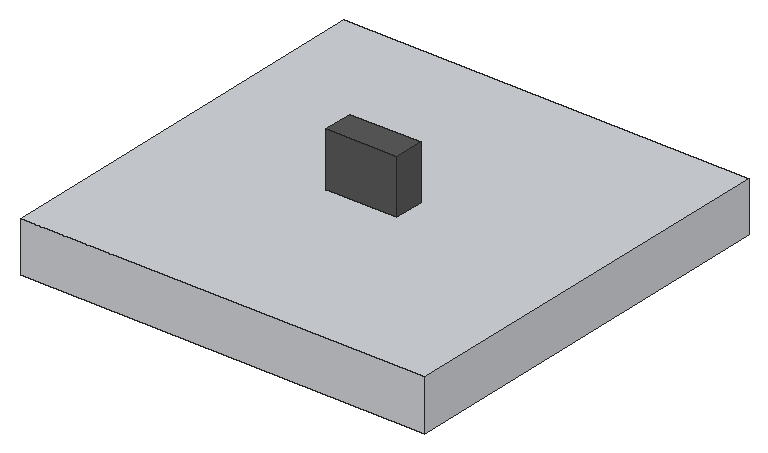
Revit family "r2018_videomax_server_OPS-SKUD_nastolnogo_ispolneniya", category Устройства связи, Revit 2018 (continued)
Definition of nested family "videomax_minitower"
  Lines and regions (mm)
    model lines, visible <- "Back_500", detail levels fine
      curve 995: line (-37.516, 258.667, 0) -> (-33.063, 264.426, 0)
      curve 996: line (-33.063, 264.426, 0) -> (-33.22, 281.325, 0)
      curve 997: line (-33.22, 281.325, 0) -> (-37.811, 286.08, 0)
      curve 998: line (-39.601, 286.802, 0) -> (-49.234, 286.802, 0)
      curve 999: line (-50.331, 285.755, 0) -> (-50.331, 258.773, 0)
      curve 1851: arc (1511.518, 293.734, 0) -> (1501.939, 269.317, 0) -> (1511.518, 244.899, 0) r 35.911
      curve 1852: arc (1515.5, 248.88, 0) -> (1507.566, 269.317, 0) -> (1515.5, 289.753, 0) r 30.29
      curve 1853: arc (1523.307, 281.946, 0) -> (1519.808, 276.057, 0) -> (1518.59, 269.317, 0) r 19.266
      curve 1854: arc (1518.59, 269.317, 0) -> (1519.808, 262.576, 0) -> (1523.307, 256.687, 0) r 19.266
      curve 1855: arc (1526.366, 259.746, 0) -> (1523.795, 264.228, 0) -> (1522.902, 269.317, 0) r 14.954
      curve 1856: arc (1522.902, 269.317, 0) -> (1523.795, 274.405, 0) -> (1526.366, 278.887, 0) r 14.954
      curve 1857: arc (1517.557, 287.695, 0) -> (1512.306, 279.165, 0) -> (1510.473, 269.317, 0) r 27.383
      curve 1858: arc (1510.473, 269.317, 0) -> (1512.306, 259.468, 0) -> (1517.557, 250.938, 0) r 27.383
      curve 1859: arc (1521.542, 254.923, 0) -> (1517.506, 261.622, 0) -> (1516.1, 269.317, 0) r 21.756
      curve 1860: arc (1516.1, 269.317, 0) -> (1517.506, 277.011, 0) -> (1521.542, 283.711, 0) r 21.756
      curve 1861: arc (1564.194, 293.734, 0) -> (1573.773, 269.317, 0) -> (1564.194, 244.899, 0) r 35.911
      curve 1862: arc (1560.213, 248.88, 0) -> (1568.146, 269.317, 0) -> (1560.213, 289.753, 0) r 30.29
      curve 1863: arc (1552.406, 281.946, 0) -> (1555.905, 276.057, 0) -> (1557.122, 269.317, 0) r 19.266
      curve 1864: arc (1557.122, 269.317, 0) -> (1555.905, 262.576, 0) -> (1552.406, 256.687, 0) r 19.266
      curve 1865: arc (1549.347, 259.746, 0) -> (1551.918, 264.228, 0) -> (1552.81, 269.317, 0) r 14.954
      curve 1866: arc (1552.81, 269.317, 0) -> (1551.918, 274.405, 0) -> (1549.347, 278.887, 0) r 14.954
      curve 1867: arc (1558.155, 287.695, 0) -> (1563.407, 279.165, 0) -> (1565.239, 269.317, 0) r 27.383
      curve 1868: arc (1565.239, 269.317, 0) -> (1563.407, 259.468, 0) -> (1558.155, 250.938, 0) r 27.383
      curve 1869: arc (1554.17, 254.923, 0) -> (1558.207, 261.622, 0) -> (1559.613, 269.317, 0) r 21.756
      curve 1870: arc (1559.613, 269.317, 0) -> (1558.207, 277.011, 0) -> (1554.17, 283.711, 0) r 21.756
      curve 1871: arc (1562.274, 242.979, 0) -> (1537.856, 233.4, 0) -> (1513.439, 242.979, 0) r 35.911
      curve 1872: arc (1517.42, 246.96, 0) -> (1537.856, 239.027, 0) -> (1558.293, 246.96, 0) r 30.29
      curve 1873: arc (1550.486, 254.767, 0) -> (1544.597, 251.268, 0) -> (1537.856, 250.05, 0) r 19.266
      curve 1874: arc (1537.856, 250.05, 0) -> (1531.116, 251.268, 0) -> (1525.227, 254.767, 0) r 19.266
      curve 1875: arc (1528.286, 257.826, 0) -> (1532.767, 255.255, 0) -> (1537.856, 254.363, 0) r 14.954
      curve 1876: arc (1537.856, 254.363, 0) -> (1542.945, 255.255, 0) -> (1547.427, 257.826, 0) r 14.954
      curve 1877: arc (1556.235, 249.018, 0) -> (1547.705, 243.766, 0) -> (1537.856, 241.934, 0) r 27.383
      curve 1878: arc (1537.856, 241.934, 0) -> (1528.008, 243.766, 0) -> (1519.478, 249.018, 0) r 27.383
      curve 1879: arc (1523.462, 253.002, 0) -> (1530.162, 248.966, 0) -> (1537.856, 247.56, 0) r 21.756
      curve 1880: arc (1537.856, 247.56, 0) -> (1545.55, 248.966, 0) -> (1552.25, 253.002, 0) r 21.756
      curve 1881: arc (1562.274, 295.654, 0) -> (1537.856, 305.233, 0) -> (1513.439, 295.654, 0) r 35.911
      curve 1882: arc (1517.42, 291.673, 0) -> (1537.856, 299.606, 0) -> (1558.293, 291.673, 0) r 30.29
      curve 1883: arc (1550.486, 283.866, 0) -> (1544.597, 287.365, 0) -> (1537.856, 288.583, 0) r 19.266
      curve 1884: arc (1537.856, 288.583, 0) -> (1531.116, 287.365, 0) -> (1525.227, 283.866, 0) r 19.266
      curve 1885: arc (1528.286, 280.807, 0) -> (1532.767, 283.378, 0) -> (1537.856, 284.27, 0) r 14.954
      curve 1886: arc (1537.856, 284.27, 0) -> (1542.945, 283.378, 0) -> (1547.427, 280.807, 0) r 14.954
      curve 1887: arc (1556.235, 289.615, 0) -> (1547.705, 294.867, 0) -> (1537.856, 296.699, 0) r 27.383
      curve 1888: arc (1537.856, 296.699, 0) -> (1528.008, 294.867, 0) -> (1519.478, 289.616, 0) r 27.383
      curve 1889: arc (1523.462, 285.631, 0) -> (1530.162, 289.667, 0) -> (1537.856, 291.073, 0) r 21.756
      curve 1890: arc (1537.856, 291.073, 0) -> (1545.55, 289.667, 0) -> (1552.25, 285.631, 0) r 21.756
      curve 1891: arc (1527.957, 172.093, 0) -> (1518.378, 147.676, 0) -> (1527.957, 123.258, 0) r 35.911
      curve 1892: arc (1531.938, 127.239, 0) -> (1524.005, 147.676, 0) -> (1531.938, 168.112, 0) r 30.29
      curve 1893: arc (1539.745, 160.305, 0) -> (1536.246, 154.416, 0) -> (1535.029, 147.676, 0) r 19.266
      curve 1894: arc (1535.029, 147.676, 0) -> (1536.246, 140.935, 0) -> (1539.745, 135.046, 0) r 19.266
      curve 1895: arc (1542.804, 138.105, 0) -> (1540.233, 142.587, 0) -> (1539.341, 147.676, 0) r 14.954
      curve 1896: arc (1539.341, 147.676, 0) -> (1540.233, 152.764, 0) -> (1542.804, 157.246, 0) r 14.954
      curve 1897: arc (1533.996, 166.054, 0) -> (1528.744, 157.524, 0) -> (1526.912, 147.676, 0) r 27.383
      curve 1898: arc (1526.912, 147.676, 0) -> (1528.744, 137.827, 0) -> (1533.996, 129.297, 0) r 27.383
      curve 1899: arc (1537.981, 133.282, 0) -> (1533.944, 139.981, 0) -> (1532.539, 147.676, 0) r 21.756
      curve 1900: arc (1532.539, 147.676, 0) -> (1533.945, 155.37, 0) -> (1537.981, 162.07, 0) r 21.756
      curve 1901: arc (1580.633, 172.093, 0) -> (1590.212, 147.676, 0) -> (1580.633, 123.258, 0) r 35.911
      curve 1902: arc (1576.652, 127.239, 0) -> (1584.585, 147.676, 0) -> (1576.651, 168.112, 0) r 30.29
      curve 1903: arc (1568.844, 160.305, 0) -> (1572.343, 154.416, 0) -> (1573.561, 147.676, 0) r 19.266
      curve 1904: arc (1573.561, 147.676, 0) -> (1572.343, 140.935, 0) -> (1568.844, 135.046, 0) r 19.266
      curve 1905: arc (1565.785, 138.105, 0) -> (1568.356, 142.587, 0) -> (1569.249, 147.676, 0) r 14.954
      curve 1906: arc (1569.249, 147.676, 0) -> (1568.356, 152.764, 0) -> (1565.785, 157.246, 0) r 14.954
      curve 1907: arc (1574.594, 166.054, 0) -> (1579.845, 157.524, 0) -> (1581.678, 147.676, 0) r 27.383
      curve 1908: arc (1581.678, 147.676, 0) -> (1579.845, 137.827, 0) -> (1574.594, 129.297, 0) r 27.383
      curve 1909: arc (1570.609, 133.282, 0) -> (1574.645, 139.981, 0) -> (1576.051, 147.676, 0) r 21.756
      curve 1910: arc (1576.051, 147.676, 0) -> (1574.645, 155.37, 0) -> (1570.609, 162.07, 0) r 21.756
      curve 1911: arc (1578.713, 121.338, 0) -> (1554.295, 111.759, 0) -> (1529.877, 121.338, 0) r 35.911
      curve 1912: arc (1533.858, 125.319, 0) -> (1554.295, 117.386, 0) -> (1574.731, 125.319, 0) r 30.29
      curve 1913: arc (1566.924, 133.126, 0) -> (1561.036, 129.627, 0) -> (1554.295, 128.409, 0) r 19.266
      curve 1914: arc (1554.295, 128.409, 0) -> (1547.554, 129.627, 0) -> (1541.666, 133.126, 0) r 19.266
      curve 1915: arc (1544.725, 136.185, 0) -> (1549.206, 133.614, 0) -> (1554.295, 132.722, 0) r 14.954
      curve 1916: arc (1554.295, 132.722, 0) -> (1559.384, 133.614, 0) -> (1563.865, 136.185, 0) r 14.954
      curve 1917: arc (1572.674, 127.377, 0) -> (1564.143, 122.125, 0) -> (1554.295, 120.293, 0) r 27.383
      curve 1918: arc (1554.295, 120.293, 0) -> (1544.446, 122.125, 0) -> (1535.916, 127.377, 0) r 27.383
      curve 1919: arc (1539.901, 131.361, 0) -> (1546.601, 127.325, 0) -> (1554.295, 125.919, 0) r 21.756
      curve 1920: arc (1554.295, 125.919, 0) -> (1561.989, 127.325, 0) -> (1568.689, 131.361, 0) r 21.756
      curve 1921: arc (1578.713, 174.013, 0) -> (1554.295, 183.592, 0) -> (1529.877, 174.013, 0) r 35.911
      curve 1922: arc (1533.858, 170.032, 0) -> (1554.295, 177.965, 0) -> (1574.731, 170.032, 0) r 30.29
      curve 1923: arc (1566.924, 162.225, 0) -> (1561.036, 165.724, 0) -> (1554.295, 166.942, 0) r 19.266
      curve 1924: arc (1554.295, 166.942, 0) -> (1547.554, 165.724, 0) -> (1541.666, 162.225, 0) r 19.266
      curve 1925: arc (1544.725, 159.166, 0) -> (1549.206, 161.737, 0) -> (1554.295, 162.629, 0) r 14.954
      curve 1926: arc (1554.295, 162.629, 0) -> (1559.384, 161.737, 0) -> (1563.865, 159.166, 0) r 14.954
      curve 1927: arc (1572.674, 167.974, 0) -> (1564.143, 173.226, 0) -> (1554.295, 175.058, 0) r 27.383
      curve 1928: arc (1554.295, 175.058, 0) -> (1544.446, 173.226, 0) -> (1535.916, 167.975, 0) r 27.383
      curve 1929: arc (1539.901, 163.99, 0) -> (1546.601, 168.026, 0) -> (1554.295, 169.432, 0) r 21.756
      curve 1930: arc (1554.295, 169.432, 0) -> (1561.989, 168.026, 0) -> (1568.689, 163.99, 0) r 21.756
      curve 1931: circle (1560.479, 66.389, 0) r 1.962 normal (0, 0, 1)
      curve 1932: circle (1563.875, 62.275, 0) r 1.962 normal (0, 0, 1)
      curve 1933: circle (1567.619, 66.389, 0) r 1.962 normal (0, 0, 1)
      curve 1934: circle (1560.573, 58.161, 0) r 1.962 normal (0, 0, 1)
      curve 1935: circle (1567.713, 58.161, 0) r 1.962 normal (0, 0, 1)
      curve 1936: circle (1571.014, 62.275, 0) r 1.962 normal (0, 0, 1)
      curve 1937: circle (1574.438, 66.389, 0) r 1.962 normal (0, 0, 1)
      curve 1938: circle (1581.577, 66.389, 0) r 1.962 normal (0, 0, 1)
      curve 1939: circle (1577.834, 62.275, 0) r 1.962 normal (0, 0, 1)
      curve 1940: circle (1584.973, 62.275, 0) r 1.962 normal (0, 0, 1)
      curve 1941: circle (1574.532, 58.161, 0) r 1.962 normal (0, 0, 1)
      curve 1942: circle (1581.672, 58.161, 0) r 1.962 normal (0, 0, 1)
      curve 1943: circle (1563.969, 54.048, 0) r 1.962 normal (0, 0, 1)
      curve 1944: circle (1560.668, 49.934, 0) r 1.962 normal (0, 0, 1)
      curve 1945: circle (1567.807, 49.934, 0) r 1.962 normal (0, 0, 1)
      curve 1946: circle (1571.109, 54.048, 0) r 1.962 normal (0, 0, 1)
      curve 1947: circle (1577.928, 54.048, 0) r 1.962 normal (0, 0, 1)
      curve 1948: circle (1585.067, 54.048, 0) r 1.962 normal (0, 0, 1)
      curve 1949: circle (1574.626, 49.934, 0) r 1.962 normal (0, 0, 1)
      curve 1950: circle (1581.766, 49.934, 0) r 1.962 normal (0, 0, 1)
      curve 1951: circle (1564.063, 45.82, 0) r 1.962 normal (0, 0, 1)
      curve 1952: circle (1560.762, 41.707, 0) r 1.962 normal (0, 0, 1)
      curve 1953: circle (1567.902, 41.707, 0) r 1.962 normal (0, 0, 1)
      curve 1954: circle (1571.203, 45.82, 0) r 1.962 normal (0, 0, 1)
      curve 1955: circle (1578.022, 45.82, 0) r 1.962 normal (0, 0, 1)
      curve 1956: circle (1585.162, 45.82, 0) r 1.962 normal (0, 0, 1)
      curve 1957: circle (1574.721, 41.707, 0) r 1.962 normal (0, 0, 1)
      curve 1958: circle (1581.86, 41.707, 0) r 1.962 normal (0, 0, 1)
      curve 1959: circle (1564.158, 37.593, 0) r 1.962 normal (0, 0, 1)
      curve 1960: circle (1560.856, 33.479, 0) r 1.962 normal (0, 0, 1)
      curve 1961: circle (1567.996, 33.479, 0) r 1.962 normal (0, 0, 1)
      curve 1962: circle (1571.297, 37.593, 0) r 1.962 normal (0, 0, 1)
      curve 1963: circle (1578.116, 37.593, 0) r 1.962 normal (0, 0, 1)
      curve 1964: circle (1585.256, 37.593, 0) r 1.962 normal (0, 0, 1)
      curve 1965: circle (1574.815, 33.479, 0) r 1.962 normal (0, 0, 1)
      curve 1966: circle (1581.955, 33.479, 0) r 1.962 normal (0, 0, 1)
      curve 1967: circle (1563.875, 29.365, 0) r 1.962 normal (0, 0, 1)
      curve 1968: circle (1560.573, 25.251, 0) r 1.962 normal (0, 0, 1)
      curve 1969: circle (1567.713, 25.251, 0) r 1.962 normal (0, 0, 1)
      curve 1970: circle (1571.014, 29.365, 0) r 1.962 normal (0, 0, 1)
      curve 1971: circle (1577.834, 29.365, 0) r 1.962 normal (0, 0, 1)
      curve 1972: circle (1584.973, 29.365, 0) r 1.962 normal (0, 0, 1)
      curve 1973: circle (1574.532, 25.251, 0) r 1.962 normal (0, 0, 1)
      curve 1974: circle (1581.672, 25.251, 0) r 1.962 normal (0, 0, 1)
      curve 1975: circle (1563.969, 21.138, 0) r 1.962 normal (0, 0, 1)
      curve 1976: circle (1560.668, 17.024, 0) r 1.962 normal (0, 0, 1)
      curve 1977: circle (1567.807, 17.024, 0) r 1.962 normal (0, 0, 1)
      curve 1978: circle (1571.109, 21.138, 0) r 1.962 normal (0, 0, 1)
      curve 1979: circle (1577.928, 21.138, 0) r 1.962 normal (0, 0, 1)
      curve 1980: circle (1585.067, 21.138, 0) r 1.962 normal (0, 0, 1)
      curve 1981: circle (1574.626, 17.024, 0) r 1.962 normal (0, 0, 1)
      curve 1982: circle (1581.766, 17.024, 0) r 1.962 normal (0, 0, 1)
      curve 1983: circle (1456.187, 46.164, 0) r 1.962 normal (0, 0, 1)
      curve 1984: circle (1460.717, 49.974, 0) r 1.962 normal (0, 0, 1)
      curve 1985: circle (1465.248, 46.27, 0) r 1.962 normal (0, 0, 1)
      curve 1986: circle (1469.779, 49.868, 0) r 1.962 normal (0, 0, 1)
      curve 1987: circle (1474.309, 46.27, 0) r 1.962 normal (0, 0, 1)
      curve 1988: circle (1478.84, 50.08, 0) r 1.962 normal (0, 0, 1)
      curve 1989: circle (1482.178, 65.594, 0) r 1.962 normal (0, 0, 1)
      curve 1990: circle (1504.439, 65.594, 0) r 1.962 normal (0, 0, 1)
      curve 1991: circle (1517.103, 65.594, 0) r 1.962 normal (0, 0, 1)
      curve 1992: circle (1539.364, 65.594, 0) r 1.962 normal (0, 0, 1)
      curve 1993: circle (1533.208, 49.815, 0) r 1.962 normal (0, 0, 1)
      curve 1994: circle (1528.677, 46.217, 0) r 1.962 normal (0, 0, 1)
      curve 1995: circle (1524.146, 49.815, 0) r 1.962 normal (0, 0, 1)
      curve 1996: circle (1519.616, 46.217, 0) r 1.962 normal (0, 0, 1)
      curve 1997: circle (1515.085, 50.08, 0) r 1.962 normal (0, 0, 1)
      curve 1998: circle (1510.554, 46.27, 0) r 1.962 normal (0, 0, 1)
      curve 1999: circle (1506.024, 49.868, 0) r 1.962 normal (0, 0, 1)
      curve 2000: circle (1501.493, 46.27, 0) r 1.962 normal (0, 0, 1)
      curve 2001: circle (1496.962, 49.974, 0) r 1.962 normal (0, 0, 1)
      curve 2002: circle (1487.901, 49.815, 0) r 1.962 normal (0, 0, 1)
      curve 2003: circle (1483.371, 46.217, 0) r 1.962 normal (0, 0, 1)
      curve 2004: circle (1492.432, 46.164, 0) r 1.962 normal (0, 0, 1)
      curve 2005: circle (1456.187, 27.414, 0) r 1.962 normal (0, 0, 1)
      curve 2006: circle (1460.717, 31.224, 0) r 1.962 normal (0, 0, 1)
      curve 2007: circle (1465.248, 27.52, 0) r 1.962 normal (0, 0, 1)
      curve 2008: circle (1469.779, 31.118, 0) r 1.962 normal (0, 0, 1)
      curve 2009: circle (1474.309, 27.52, 0) r 1.962 normal (0, 0, 1)
      curve 2010: circle (1478.84, 31.33, 0) r 1.962 normal (0, 0, 1)
      curve 2011: circle (1533.208, 31.065, 0) r 1.962 normal (0, 0, 1)
      curve 2012: circle (1528.677, 27.467, 0) r 1.962 normal (0, 0, 1)
      curve 2013: circle (1524.146, 31.065, 0) r 1.962 normal (0, 0, 1)
      curve 2014: circle (1519.616, 27.467, 0) r 1.962 normal (0, 0, 1)
      curve 2015: circle (1515.085, 31.33, 0) r 1.962 normal (0, 0, 1)
      curve 2016: circle (1510.554, 27.52, 0) r 1.962 normal (0, 0, 1)
      curve 2017: circle (1506.024, 31.118, 0) r 1.962 normal (0, 0, 1)
      curve 2018: circle (1501.493, 27.52, 0) r 1.962 normal (0, 0, 1)
      curve 2019: circle (1496.962, 31.224, 0) r 1.962 normal (0, 0, 1)
      curve 2020: circle (1487.901, 31.065, 0) r 1.962 normal (0, 0, 1)
      curve 2021: circle (1483.371, 27.467, 0) r 1.962 normal (0, 0, 1)
      curve 2022: circle (1492.432, 27.414, 0) r 1.962 normal (0, 0, 1)
      curve 2023: circle (1456.187, 8.664, 0) r 1.962 normal (0, 0, 1)
      curve 2024: circle (1460.717, 12.474, 0) r 1.962 normal (0, 0, 1)
      curve 2025: circle (1465.248, 8.77, 0) r 1.962 normal (0, 0, 1)
      curve 2026: circle (1469.779, 12.368, 0) r 1.962 normal (0, 0, 1)
      curve 2027: circle (1474.309, 8.77, 0) r 1.962 normal (0, 0, 1)
      curve 2028: circle (1478.84, 12.58, 0) r 1.962 normal (0, 0, 1)
      curve 2029: circle (1533.208, 12.315, 0) r 1.962 normal (0, 0, 1)
      curve 2030: circle (1528.677, 8.717, 0) r 1.962 normal (0, 0, 1)
      curve 2031: circle (1524.146, 12.315, 0) r 1.962 normal (0, 0, 1)
      curve 2032: circle (1519.616, 8.717, 0) r 1.962 normal (0, 0, 1)
      curve 2033: circle (1515.085, 12.58, 0) r 1.962 normal (0, 0, 1)
      curve 2034: circle (1510.554, 8.77, 0) r 1.962 normal (0, 0, 1)
      curve 2035: circle (1506.024, 12.368, 0) r 1.962 normal (0, 0, 1)
      curve 2036: circle (1501.493, 8.77, 0) r 1.962 normal (0, 0, 1)
      curve 2037: circle (1496.962, 12.474, 0) r 1.962 normal (0, 0, 1)
      curve 2038: circle (1487.901, 12.315, 0) r 1.962 normal (0, 0, 1)
      curve 2039: circle (1483.371, 8.717, 0) r 1.962 normal (0, 0, 1)
      curve 2040: circle (1492.432, 8.664, 0) r 1.962 normal (0, 0, 1)
      curve 2041: circle (1451.344, 122.916, 0) r 1.962 normal (0, 0, 1)
      curve 2042: circle (1451.344, 147.893, 0) r 1.962 normal (0, 0, 1)
      curve 2043: circle (1451.344, 163.607, 0) r 1.962 normal (0, 0, 1)
      curve 2044: circle (1451.344, 188.584, 0) r 1.962 normal (0, 0, 1)
      curve 2045: circle (1471.751, 181.601, 0) r 1.962 normal (0, 0, 1)
      curve 2046: circle (1450.767, 235.638, 0) r 2.679 normal (0, 0, 1)
      curve 2047: circle (1501.946, 233.42, 0) r 3 normal (0, 0, 1)
      curve 2048: circle (1518.385, 183.449, 0) r 3 normal (0, 0, 1)
      curve 2049: circle (1590.208, 183.589, 0) r 3 normal (0, 0, 1)
      curve 2050: circle (1581.603, 235.638, 0) r 3 normal (0, 0, 1)
      curve 2051: circle (1601.591, 262.073, 0) r 4.073 normal (0, 0, 1)
      curve 2052: circle (1573.77, 305.23, 0) r 3 normal (0, 0, 1)
      curve 2053: circle (1584.117, 304.728, 0) r 2.68 normal (0, 0, 1)
      curve 2054: circle (1501.946, 305.09, 0) r 3 normal (0, 0, 1)
      curve 2055: circle (1447.625, 304.728, 0) r 2.68 normal (0, 0, 1)
      curve 2056: circle (1452.294, 220.627, 0) r 4.977 normal (0, 0, 1)
      curve 2057: circle (1467.887, 220.627, 0) r 4.977 normal (0, 0, 1)
      curve 2058: circle (1471.751, 129.637, 0) r 1.962 normal (0, 0, 1)
      curve 2059: circle (1518.385, 111.779, 0) r 3 normal (0, 0, 1)
      curve 2060: circle (1590.208, 111.779, 0) r 3 normal (0, 0, 1)
      curve 2061: circle (1601.591, 40.75, 0) r 4.073 normal (0, 0, 1)
      curve 2062: arc (1499.948, 69.113, 0) -> (1500.567, 68.8, 0) -> (1500.635, 68.11, 0) r 0.72
      curve 2063: arc (1499.993, 62.931, 0) -> (1499.669, 62.309, 0) -> (1499.009, 62.074, 0) r 0.96
      curve 2064: arc (1487.921, 62.074, 0) -> (1487.247, 62.301, 0) -> (1486.897, 62.92, 0) r 0.996
      curve 2065: arc (1485.985, 67.966, 0) -> (1486.11, 68.727, 0) -> (1486.778, 69.113, 0) r 0.9
      curve 2066: arc (1534.873, 69.113, 0) -> (1535.492, 68.8, 0) -> (1535.56, 68.11, 0) r 0.72
      curve 2067: arc (1534.918, 62.931, 0) -> (1534.594, 62.309, 0) -> (1533.934, 62.074, 0) r 0.96
      curve 2068: arc (1522.846, 62.074, 0) -> (1522.173, 62.301, 0) -> (1521.822, 62.92, 0) r 0.996
      curve 2069: arc (1520.91, 67.966, 0) -> (1521.035, 68.727, 0) -> (1521.703, 69.113, 0) r 0.9
      curve 2070: arc (1455.334, 128.064, 0) -> (1454.983, 127.369, 0) -> (1454.209, 127.293, 0) r 0.807
      curve 2071: arc (1448.403, 128.013, 0) -> (1447.706, 128.377, 0) -> (1447.442, 129.117, 0) r 1.077
      curve 2072: arc (1447.442, 141.547, 0) -> (1447.697, 142.302, 0) -> (1448.391, 142.695, 0) r 1.116
      curve 2073: arc (1454.048, 143.717, 0) -> (1454.901, 143.578, 0) -> (1455.334, 142.829, 0) r 1.009
      curve 2074: arc (1455.334, 168.754, 0) -> (1454.983, 168.06, 0) -> (1454.209, 167.984, 0) r 0.807
      curve 2075: arc (1448.403, 168.704, 0) -> (1447.706, 169.067, 0) -> (1447.442, 169.808, 0) r 1.077
      curve 2076: arc (1447.442, 182.238, 0) -> (1447.697, 182.993, 0) -> (1448.391, 183.386, 0) r 1.116
      curve 2077: arc (1454.048, 184.408, 0) -> (1454.901, 184.269, 0) -> (1455.334, 183.52, 0) r 1.009
      curve 2078: arc (1475.741, 134.784, 0) -> (1475.39, 134.09, 0) -> (1474.616, 134.014, 0) r 0.807
      curve 2079: arc (1468.81, 134.734, 0) -> (1468.113, 135.097, 0) -> (1467.849, 135.838, 0) r 1.077
      curve 2080: arc (1467.849, 174.758, 0) -> (1468.104, 175.513, 0) -> (1468.798, 175.906, 0) r 1.116
      curve 2081: arc (1474.455, 176.928, 0) -> (1475.309, 176.789, 0) -> (1475.741, 176.04, 0) r 1.009
      curve 2086: arc (1465.333, 258.773, 0) -> (1465.603, 257.996, 0) -> (1466.347, 257.646, 0) r 1.061
      curve 2087: arc (1476.063, 257.646, 0) -> (1477.268, 257.825, 0) -> (1478.148, 258.667, 0) r 2.011
      curve 2088: arc (1477.853, 286.08, 0) -> (1477.046, 286.66, 0) -> (1476.063, 286.802, 0) r 2.093
      curve 2089: arc (1466.43, 286.802, 0) -> (1465.657, 286.514, 0) -> (1465.333, 285.755, 0) r 1.046
      curve 2090: line (1515.5, 289.753, 0) -> (1511.518, 293.734, 0)
      curve 2091: line (1511.518, 244.899, 0) -> (1515.5, 248.88, 0)
      curve 2092: line (1526.366, 278.887, 0) -> (1523.307, 281.946, 0)
      curve 2093: line (1523.307, 256.687, 0) -> (1526.366, 259.746, 0)
      curve 2094: line (1521.542, 283.711, 0) -> (1517.557, 287.695, 0)
      curve 2095: line (1517.557, 250.938, 0) -> (1521.542, 254.923, 0)
      curve 2096: line (1560.213, 289.753, 0) -> (1564.194, 293.734, 0)
      curve 2097: line (1564.194, 244.899, 0) -> (1560.213, 248.88, 0)
      curve 2098: line (1549.347, 278.887, 0) -> (1552.406, 281.946, 0)
      curve 2099: line (1552.406, 256.687, 0) -> (1549.347, 259.746, 0)
      curve 2100: line (1554.17, 283.711, 0) -> (1558.155, 287.695, 0)
      curve 2101: line (1558.155, 250.938, 0) -> (1554.17, 254.923, 0)
      curve 2102: line (1558.293, 246.96, 0) -> (1562.274, 242.979, 0)
      curve 2103: line (1513.439, 242.979, 0) -> (1517.42, 246.96, 0)
      curve 2104: line (1547.427, 257.826, 0) -> (1550.486, 254.767, 0)
      curve 2105: line (1525.227, 254.767, 0) -> (1528.286, 257.826, 0)
      curve 2106: line (1552.25, 253.002, 0) -> (1556.235, 249.018, 0)
      curve 2107: line (1519.478, 249.018, 0) -> (1523.462, 253.002, 0)
      curve 2108: line (1558.293, 291.673, 0) -> (1562.274, 295.654, 0)
      curve 2109: line (1513.439, 295.654, 0) -> (1517.42, 291.673, 0)
      curve 2110: line (1547.427, 280.807, 0) -> (1550.486, 283.866, 0)
      curve 2111: line (1525.227, 283.866, 0) -> (1528.286, 280.807, 0)
      curve 2112: line (1552.25, 285.631, 0) -> (1556.235, 289.615, 0)
      curve 2113: line (1519.478, 289.616, 0) -> (1523.462, 285.631, 0)
      curve 2114: line (1531.938, 168.112, 0) -> (1527.957, 172.093, 0)
      curve 2115: line (1527.957, 123.258, 0) -> (1531.938, 127.239, 0)
      curve 2116: line (1542.804, 157.246, 0) -> (1539.745, 160.305, 0)
      curve 2117: line (1539.745, 135.046, 0) -> (1542.804, 138.105, 0)
      curve 2118: line (1537.981, 162.07, 0) -> (1533.996, 166.054, 0)
      curve 2119: line (1533.996, 129.297, 0) -> (1537.981, 133.282, 0)
      curve 2120: line (1576.651, 168.112, 0) -> (1580.633, 172.093, 0)
      curve 2121: line (1580.633, 123.258, 0) -> (1576.652, 127.239, 0)
      curve 2122: line (1565.785, 157.246, 0) -> (1568.844, 160.305, 0)
      curve 2123: line (1568.844, 135.046, 0) -> (1565.785, 138.105, 0)
      curve 2124: line (1570.609, 162.07, 0) -> (1574.594, 166.054, 0)
      curve 2125: line (1574.594, 129.297, 0) -> (1570.609, 133.282, 0)
      curve 2126: line (1574.731, 125.319, 0) -> (1578.713, 121.338, 0)
      curve 2127: line (1529.877, 121.338, 0) -> (1533.858, 125.319, 0)
      curve 2128: line (1563.865, 136.185, 0) -> (1566.924, 133.126, 0)
      curve 2129: line (1541.666, 133.126, 0) -> (1544.725, 136.185, 0)
      curve 2130: line (1568.689, 131.361, 0) -> (1572.674, 127.377, 0)
      curve 2131: line (1535.916, 127.377, 0) -> (1539.901, 131.361, 0)
      curve 2132: line (1574.731, 170.032, 0) -> (1578.713, 174.013, 0)
      curve 2133: line (1529.877, 174.013, 0) -> (1533.858, 170.032, 0)
      curve 2134: line (1563.865, 159.166, 0) -> (1566.924, 162.225, 0)
      curve 2135: line (1541.666, 162.225, 0) -> (1544.725, 159.166, 0)
      curve 2136: line (1568.689, 163.99, 0) -> (1572.674, 167.974, 0)
      curve 2137: line (1535.916, 167.975, 0) -> (1539.901, 163.99, 0)
      curve 2150: line (1456.753, 113.869, 0) -> (1447.14, 113.869, 0)
      curve 2151: line (1447.14, 113.869, 0) -> (1447.14, 96.512, 0)
      curve 2152: line (1447.14, 96.512, 0) -> (1456.753, 96.512, 0)
      curve 2153: line (1456.753, 96.512, 0) -> (1456.753, 101.883, 0)
      curve 2154: line (1456.753, 101.883, 0) -> (1458.42, 101.883, 0)
      curve 2155: line (1458.42, 101.883, 0) -> (1458.42, 108.637, 0)
      curve 2156: line (1458.42, 108.637, 0) -> (1456.753, 108.637, 0)
      curve 2157: line (1456.753, 108.637, 0) -> (1456.753, 113.869, 0)
      curve 2158: line (1456.753, 92.79, 0) -> (1447.14, 92.79, 0)
      curve 2159: line (1447.14, 92.79, 0) -> (1447.14, 75.433, 0)
      curve 2160: line (1447.14, 75.433, 0) -> (1456.753, 75.433, 0)
      curve 2161: line (1456.753, 75.433, 0) -> (1456.753, 80.804, 0)
      curve 2162: line (1456.753, 80.804, 0) -> (1458.42, 80.804, 0)
      curve 2163: line (1458.42, 80.804, 0) -> (1458.42, 87.558, 0)
      curve 2164: line (1458.42, 87.558, 0) -> (1456.753, 87.558, 0)
      curve 2165: line (1456.753, 87.558, 0) -> (1456.753, 92.79, 0)
      curve 2198: line (1447.817, 210.66, 0) -> (1454.856, 210.66, 0)
      curve 2199: line (1454.856, 210.66, 0) -> (1454.856, 194.875, 0)
      curve 2200: line (1454.856, 194.875, 0) -> (1447.817, 194.875, 0)
      curve 2201: line (1447.817, 194.875, 0) -> (1447.817, 210.66, 0)
      curve 2202: line (1457.558, 210.66, 0) -> (1464.597, 210.66, 0)
      curve 2203: line (1464.597, 210.66, 0) -> (1464.597, 194.875, 0)
      curve 2204: line (1464.597, 194.875, 0) -> (1457.558, 194.875, 0)
      curve 2205: line (1457.558, 194.875, 0) -> (1457.558, 210.66, 0)
      curve 2206: line (1486.778, 69.113, 0) -> (1499.948, 69.113, 0)
      curve 2207: line (1500.635, 68.11, 0) -> (1499.993, 62.931, 0)
      curve 2208: line (1499.009, 62.074, 0) -> (1487.921, 62.074, 0)
      curve 2209: line (1486.897, 62.92, 0) -> (1485.985, 67.966, 0)
      curve 2210: line (1521.703, 69.113, 0) -> (1534.873, 69.113, 0)
      curve 2211: line (1535.56, 68.11, 0) -> (1534.918, 62.931, 0)
      curve 2212: line (1533.934, 62.074, 0) -> (1522.846, 62.074, 0)
      curve 2213: line (1521.822, 62.92, 0) -> (1520.91, 67.966, 0)
      curve 2214: line (1455.334, 142.829, 0) -> (1455.334, 128.064, 0)
      curve 2215: line (1454.209, 127.293, 0) -> (1448.403, 128.013, 0)
      curve 2216: line (1447.442, 129.117, 0) -> (1447.442, 141.547, 0)
      curve 2217: line (1448.391, 142.695, 0) -> (1454.048, 143.717, 0)
      curve 2218: line (1455.334, 183.52, 0) -> (1455.334, 168.754, 0)
      curve 2219: line (1454.209, 167.984, 0) -> (1448.403, 168.704, 0)
      curve 2220: line (1447.442, 169.808, 0) -> (1447.442, 182.238, 0)
      curve 2221: line (1448.391, 183.386, 0) -> (1454.048, 184.408, 0)
      curve 2222: line (1475.741, 176.04, 0) -> (1475.741, 134.784, 0)
      curve 2223: line (1474.616, 134.014, 0) -> (1468.81, 134.734, 0)
      curve 2224: line (1467.849, 135.838, 0) -> (1467.849, 174.758, 0)
      curve 2225: line (1468.798, 175.906, 0) -> (1474.455, 176.928, 0)
      curve 2230: line (1471.091, 279.433, 0) -> (1473.473, 279.433, 0)
      curve 2231: line (1473.473, 279.433, 0) -> (1473.473, 280.809, 0)
      curve 2232: line (1473.473, 280.809, 0) -> (1471.091, 280.809, 0)
      curve 2233: line (1471.091, 280.809, 0) -> (1471.091, 279.433, 0)
      curve 2234: line (1471.091, 263.633, 0) -> (1473.473, 263.633, 0)
      curve 2235: line (1473.473, 263.633, 0) -> (1473.473, 265.009, 0)
      curve 2236: line (1473.473, 265.009, 0) -> (1471.091, 265.009, 0)
      curve 2237: line (1471.091, 265.009, 0) -> (1471.091, 263.633, 0)
      curve 2238: line (1475.242, 271.536, 0) -> (1477.623, 271.536, 0)
      curve 2239: line (1477.623, 271.536, 0) -> (1477.623, 272.911, 0)
      curve 2240: line (1477.623, 272.911, 0) -> (1475.242, 272.911, 0)
      curve 2241: line (1475.242, 272.911, 0) -> (1475.242, 271.536, 0)
      curve 2243: line (1466.347, 257.646, 0) -> (1476.063, 257.646, 0)
      curve 2244: line (1478.148, 258.667, 0) -> (1482.6, 264.426, 0)
      curve 2245: line (1482.6, 264.426, 0) -> (1482.443, 281.325, 0)
      curve 2246: line (1482.443, 281.325, 0) -> (1477.853, 286.08, 0)
      curve 2247: line (1476.063, 286.802, 0) -> (1466.43, 286.802, 0)
      curve 2248: line (1465.333, 285.755, 0) -> (1465.333, 258.773, 0)
    model lines, visible <- "Back", detail levels fine
      curve 708: arc (-29.376, 287.199, 0) -> (-30.025, 288.971, 0) -> (-31.749, 289.739, 0) r 2.421
      curve 709: arc (-50.475, 289.739, 0) -> (-52.294, 289.109, 0) -> (-53.189, 287.404, 0) r 2.616
      curve 710: arc (-53.189, 257.248, 0) -> (-52.505, 255.478, 0) -> (-50.77, 254.708, 0) r 2.483
      curve 711: arc (-32.081, 254.708, 0) -> (-30.232, 255.367, 0) -> (-29.376, 257.134, 0) r 2.589
      curve 889: line (-90, 316.85, 0) -> (90, 316.85, 0)
      curve 890: line (90, 316.85, 0) -> (90, 308.704, 0)
      curve 891: line (90, 308.704, 0) -> (-90, 308.704, 0)
      curve 892: line (-90, 308.704, 0) -> (-90, 316.85, 0)
      curve 893: line (-90, 308.704, 0) -> (-81.854, 308.704, 0)
      curve 894: line (-81.854, 308.704, 0) -> (-81.854, 0, 0)
      curve 895: line (-81.854, 0, 0) -> (-90, 0, 0)
      curve 896: line (-90, 0, 0) -> (-90, 308.704, 0)
      curve 897: line (90, 308.704, 0) -> (81.854, 308.704, 0)
      curve 898: line (81.854, 308.704, 0) -> (81.854, 0, 0)
      curve 899: line (81.854, 0, 0) -> (90, 0, 0)
      curve 900: line (90, 0, 0) -> (90, 308.704, 0)
      curve 917: line (59.718, 308.704, 0) -> (71.854, 295.602, 0)
      curve 918: line (71.854, 295.602, 0) -> (71.854, 248.905, 0)
      curve 919: line (71.854, 248.905, 0) -> (53.596, 229.279, 0)
      curve 920: line (53.596, 229.279, 0) -> (-52.63, 229.279, 0)
      curve 921: line (-52.63, 229.279, 0) -> (-71.854, 250.027, 0)
      curve 922: line (-71.854, 250.027, 0) -> (-71.854, 294.522, 0)
      curve 923: line (-71.854, 294.522, 0) -> (-58.719, 308.704, 0)
      curve 924: line (-58.719, 308.704, 0) -> (59.718, 308.704, 0)
      curve 925: line (-74.555, 73.411, 0) -> (30.69, 73.411, 0)
      curve 926: line (30.69, 73.411, 0) -> (30.69, 0, 0)
      curve 927: line (30.69, 0, 0) -> (-74.555, 0, 0)
      curve 928: line (-74.555, 0, 0) -> (-74.555, 73.411, 0)
      curve 929: line (30.691, 16.39, 0) -> (-70.045, 16.39, 0)
      curve 930: line (-70.045, 16.39, 0) -> (-70.045, 2.208, 0)
      curve 931: line (-70.045, 2.208, 0) -> (30.691, 2.208, 0)
      curve 932: line (30.691, 2.208, 0) -> (30.691, 16.39, 0)
      curve 933: line (30.691, 35.14, 0) -> (-70.045, 35.14, 0)
      curve 934: line (-70.045, 35.14, 0) -> (-70.045, 20.958, 0)
      curve 935: line (-70.045, 20.958, 0) -> (30.691, 20.958, 0)
      curve 936: line (30.691, 20.958, 0) -> (30.691, 35.14, 0)
      curve 937: line (30.691, 53.89, 0) -> (-70.045, 53.89, 0)
      curve 938: line (-70.045, 53.89, 0) -> (-70.045, 39.708, 0)
      curve 939: line (-70.045, 39.708, 0) -> (30.691, 39.708, 0)
      curve 940: line (30.691, 39.708, 0) -> (30.691, 53.89, 0)
      curve 941: line (30.691, 71.869, 0) -> (-70.045, 71.869, 0)
      curve 942: line (-70.045, 71.869, 0) -> (-70.045, 59.229, 0)
      curve 943: line (-70.045, 59.229, 0) -> (30.691, 59.229, 0)
      curve 944: line (30.691, 59.229, 0) -> (30.691, 71.869, 0)
      curve 945: line (-74.555, 227.411, 0) -> (-30.556, 227.411, 0)
      curve 946: line (-30.556, 227.411, 0) -> (-30.556, 73.411, 0)
      curve 947: line (-30.556, 73.411, 0) -> (-74.555, 73.411, 0)
      curve 948: line (-74.555, 73.411, 0) -> (-74.555, 227.411, 0)
      curve 977: line (-31.749, 289.739, 0) -> (-50.475, 289.739, 0)
      curve 978: line (-53.189, 287.404, 0) -> (-53.189, 257.248, 0)
      curve 979: line (-50.77, 254.708, 0) -> (-32.081, 254.708, 0)
      curve 980: line (-29.376, 257.134, 0) -> (-29.376, 287.199, 0)
      curve 993: line (-81.854, 0, 0) -> (81.854, 0, 0)
      curve 2082: arc (1486.288, 287.199, 0) -> (1485.639, 288.971, 0) -> (1483.915, 289.739, 0) r 2.421
      curve 2083: arc (1465.189, 289.739, 0) -> (1463.37, 289.109, 0) -> (1462.475, 287.404, 0) r 2.616
      curve 2084: arc (1462.475, 257.248, 0) -> (1463.159, 255.478, 0) -> (1464.894, 254.708, 0) r 2.483
      curve 2085: arc (1483.583, 254.708, 0) -> (1485.432, 255.367, 0) -> (1486.288, 257.134, 0) r 2.589
      curve 2138: line (1425.664, 316.85, 0) -> (1605.664, 316.85, 0)
      curve 2139: line (1605.664, 316.85, 0) -> (1605.664, 308.704, 0)
      curve 2140: line (1605.664, 308.704, 0) -> (1425.664, 308.704, 0)
      curve 2141: line (1425.664, 308.704, 0) -> (1425.664, 316.85, 0)
      curve 2142: line (1425.664, 308.704, 0) -> (1433.81, 308.704, 0)
      curve 2143: line (1433.81, 308.704, 0) -> (1433.81, 0, 0)
      curve 2144: line (1433.81, 0, 0) -> (1425.664, 0, 0)
      curve 2145: line (1425.664, 0, 0) -> (1425.664, 308.704, 0)
      curve 2146: line (1605.664, 308.704, 0) -> (1597.518, 308.704, 0)
      curve 2147: line (1597.518, 308.704, 0) -> (1597.518, 0, 0)
      curve 2148: line (1597.518, 0, 0) -> (1605.664, 0, 0)
      curve 2149: line (1605.664, 0, 0) -> (1605.664, 308.704, 0)
      curve 2166: line (1575.382, 308.704, 0) -> (1587.518, 295.602, 0)
      curve 2167: line (1587.518, 295.602, 0) -> (1587.518, 248.905, 0)
      curve 2168: line (1587.518, 248.905, 0) -> (1569.26, 229.279, 0)
      curve 2169: line (1569.26, 229.279, 0) -> (1463.034, 229.279, 0)
      curve 2170: line (1463.034, 229.279, 0) -> (1443.81, 250.027, 0)
      curve 2171: line (1443.81, 250.027, 0) -> (1443.81, 294.522, 0)
      curve 2172: line (1443.81, 294.522, 0) -> (1456.945, 308.704, 0)
      curve 2173: line (1456.945, 308.704, 0) -> (1575.382, 308.704, 0)
      curve 2174: line (1441.108, 73.411, 0) -> (1546.354, 73.411, 0)
      curve 2175: line (1546.354, 73.411, 0) -> (1546.354, 0, 0)
      curve 2176: line (1546.354, 0, 0) -> (1441.108, 0, 0)
      curve 2177: line (1441.108, 0, 0) -> (1441.108, 73.411, 0)
      curve 2178: line (1546.355, 16.39, 0) -> (1445.618, 16.39, 0)
      curve 2179: line (1445.618, 16.39, 0) -> (1445.618, 2.208, 0)
      curve 2180: line (1445.618, 2.208, 0) -> (1546.355, 2.208, 0)
      curve 2181: line (1546.355, 2.208, 0) -> (1546.355, 16.39, 0)
      curve 2182: line (1546.355, 35.14, 0) -> (1445.618, 35.14, 0)
      curve 2183: line (1445.618, 35.14, 0) -> (1445.618, 20.958, 0)
      curve 2184: line (1445.618, 20.958, 0) -> (1546.355, 20.958, 0)
      curve 2185: line (1546.355, 20.958, 0) -> (1546.355, 35.14, 0)
      curve 2186: line (1546.355, 53.89, 0) -> (1445.618, 53.89, 0)
      curve 2187: line (1445.618, 53.89, 0) -> (1445.618, 39.708, 0)
      curve 2188: line (1445.618, 39.708, 0) -> (1546.355, 39.708, 0)
      curve 2189: line (1546.355, 39.708, 0) -> (1546.355, 53.89, 0)
      curve 2190: line (1546.355, 71.869, 0) -> (1445.618, 71.869, 0)
      curve 2191: line (1445.618, 71.869, 0) -> (1445.618, 59.229, 0)
      curve 2192: line (1445.618, 59.229, 0) -> (1546.355, 59.229, 0)
      curve 2193: line (1546.355, 59.229, 0) -> (1546.355, 71.869, 0)
      curve 2194: line (1441.108, 227.411, 0) -> (1485.108, 227.411, 0)
      curve 2195: line (1485.108, 227.411, 0) -> (1485.108, 73.411, 0)
      curve 2196: line (1485.108, 73.411, 0) -> (1441.108, 73.411, 0)
      curve 2197: line (1441.108, 73.411, 0) -> (1441.108, 227.411, 0)
      curve 2226: line (1483.915, 289.739, 0) -> (1465.189, 289.739, 0)
      curve 2227: line (1462.475, 287.404, 0) -> (1462.475, 257.248, 0)
      curve 2228: line (1464.894, 254.708, 0) -> (1483.583, 254.708, 0)
      curve 2229: line (1486.288, 257.134, 0) -> (1486.288, 287.199, 0)
      curve 2242: line (1433.81, 0, 0) -> (1597.518, 0, 0)
    model lines, visible <- "Front_500", detail levels fine
      curve 716: circle (43.677, 205.543, 0) r 2.53 normal (0, 0, 1)
      curve 717: circle (60.379, 205.543, 0) r 2.53 normal (0, 0, 1)
      curve 718: circle (43.677, 198.043, 0) r 1.455 normal (0, 0, 1)
      curve 719: circle (-60.82, 176.659, 0) r 3.407 normal (0, 0, 1)
      curve 720: circle (-46.334, 176.659, 0) r 3.407 normal (0, 0, 1)
      curve 721: circle (19.706, 176.659, 0) r 5.399 normal (0, 0, 1)
      curve 722: circle (48.005, 176.659, 0) r 8.141 normal (0, 0, 1)
      curve 723: arc (46.007, 178.653, 0) -> (48.005, 173.84, 0) -> (50.002, 178.653, 0) r 2.821
      curve 724: arc (58.628, 196.538, 0) -> (60.379, 195.662, 0) -> (62.131, 196.538, 0) r 2.19
      curve 725: arc (62.131, 199.209, 0) -> (60.379, 200.167, 0) -> (58.628, 199.209, 0) r 2.081
      curve 726: arc (58.628, 199.209, 0) -> (60.379, 198.333, 0) -> (62.131, 199.209, 0) r 2.19
      curve 727: arc (-13.516, 156.768, 0) -> (-13.127, 157.729, 0) -> (-12.166, 158.118, 0) r 1.327
      curve 728: arc (14.229, 158.118, 0) -> (15.237, 157.722, 0) -> (15.633, 156.714, 0) r 1.356
      curve 729: arc (15.633, 130.309, 0) -> (15.184, 129.32, 0) -> (14.155, 128.969, 0) r 1.37
      curve 730: arc (-12.346, 128.969, 0) -> (-13.158, 129.394, 0) -> (-13.516, 130.239, 0) r 1.36
      curve 731: arc (-9.426, 137.078, 0) -> (-9.602, 136.801, 0) -> (-9.888, 136.64, 0) r 0.669
      curve 732: arc (-9.888, 136.64, 0) -> (-10.177, 136.605, 0) -> (-10.466, 136.64, 0) r 1.221
      curve 733: arc (-10.466, 136.64, 0) -> (-10.753, 136.8, 0) -> (-10.928, 137.078, 0) r 0.666
      curve 734: arc (-4.966, 139.648, 0) -> (-4.294, 139.473, 0) -> (-3.878, 138.917, 0) r 1.05
      curve 735: arc (-3.878, 138.917, 0) -> (-3.798, 138.086, 0) -> (-3.907, 137.258, 0) r 3.691
      curve 736: arc (-3.907, 137.258, 0) -> (-4.324, 136.77, 0) -> (-4.952, 136.64, 0) r 0.991
      curve 737: arc (-6.303, 136.64, 0) -> (-6.649, 136.743, 0) -> (-6.797, 137.072, 0) r 0.433
      curve 738: arc (-6.797, 139.129, 0) -> (-6.694, 139.501, 0) -> (-6.337, 139.648, 0) r 0.438
      curve 739: arc (-5.826, 138.735, 0) -> (-5.802, 138.85, 0) -> (-5.706, 138.917, 0) r 0.158
      curve 740: arc (-5.706, 138.917, 0) -> (-5.513, 138.926, 0) -> (-5.319, 138.917, 0) r 2.175
      curve 741: arc (-5.319, 138.917, 0) -> (-4.999, 138.798, 0) -> (-4.831, 138.5, 0) r 0.495
      curve 742: arc (-4.831, 138.5, 0) -> (-4.794, 138.174, 0) -> (-4.817, 137.847, 0) r 1.804
      curve 743: arc (-4.817, 137.847, 0) -> (-4.907, 137.584, 0) -> (-5.137, 137.428, 0) r 0.439
      curve 744: arc (-5.137, 137.428, 0) -> (-5.379, 137.389, 0) -> (-5.624, 137.387, 0) r 1.635
      curve 745: arc (-5.624, 137.387, 0) -> (-5.769, 137.426, 0) -> (-5.826, 137.565, 0) r 0.169
      curve 746: arc (-3.454, 139.199, 0) -> (-3.33, 139.523, 0) -> (-3.005, 139.648, 0) r 0.425
      curve 747: arc (-2.304, 138.917, 0) -> (-2.435, 138.874, 0) -> (-2.483, 138.744, 0) r 0.158
      curve 748: arc (-2.483, 137.521, 0) -> (-2.425, 137.395, 0) -> (-2.288, 137.37, 0) r 0.15
      curve 749: arc (-2.951, 136.64, 0) -> (-3.326, 136.751, 0) -> (-3.454, 137.121, 0) r 0.428
      curve 750: arc (-0.494, 138.917, 0) -> (-0.153, 139.437, 0) -> (0.433, 139.648, 0) r 0.982
      curve 751: arc (0.433, 139.648, 0) -> (1.084, 139.682, 0) -> (1.735, 139.648, 0) r 6.122
      curve 752: arc (1.735, 139.648, 0) -> (2.323, 139.44, 0) -> (2.662, 138.917, 0) r 0.967
      curve 753: arc (2.662, 138.917, 0) -> (2.738, 138.086, 0) -> (2.623, 137.258, 0) r 3.655
      curve 754: arc (2.623, 137.258, 0) -> (2.271, 136.815, 0) -> (1.733, 136.64, 0) r 0.985
      curve 755: arc (1.733, 136.64, 0) -> (1.089, 136.605, 0) -> (0.446, 136.64, 0) r 6.021
      curve 756: arc (0.446, 136.64, 0) -> (-0.1, 136.811, 0) -> (-0.456, 137.258, 0) r 0.975
      curve 757: arc (-0.456, 137.258, 0) -> (-0.571, 138.086, 0) -> (-0.494, 138.917, 0) r 3.652
      curve 758: arc (0.449, 138.5, 0) -> (0.581, 138.771, 0) -> (0.845, 138.917, 0) r 0.501
      curve 759: arc (0.845, 138.917, 0) -> (1.092, 138.934, 0) -> (1.339, 138.916, 0) r 1.717
      curve 760: arc (1.339, 138.916, 0) -> (1.593, 138.765, 0) -> (1.723, 138.5, 0) r 0.517
      curve 761: arc (1.723, 138.5, 0) -> (1.742, 138.174, 0) -> (1.73, 137.847, 0) r 3.538
      curve 762: arc (1.73, 137.847, 0) -> (1.594, 137.527, 0) -> (1.283, 137.37, 0) r 0.506
      curve 763: arc (1.283, 137.37, 0) -> (1.06, 137.353, 0) -> (0.836, 137.37, 0) r 1.454
      curve 764: arc (0.836, 137.37, 0) -> (0.559, 137.541, 0) -> (0.449, 137.847, 0) r 0.493
      curve 765: arc (0.449, 137.847, 0) -> (0.426, 138.174, 0) -> (0.449, 138.5, 0) r 2.406
      curve 766: arc (4.6, 136.967, 0) -> (4.705, 136.762, 0) -> (4.899, 136.64, 0) r 0.437
      curve 767: arc (5.413, 136.634, 0) -> (5.621, 136.755, 0) -> (5.733, 136.967, 0) r 0.437
      curve 768: arc (7.254, 139.162, 0) -> (7.144, 139.485, 0) -> (6.845, 139.648, 0) r 0.469
      curve 769: arc (6.845, 139.648, 0) -> (6.521, 139.682, 0) -> (6.197, 139.648, 0) r 1.531
      curve 770: arc (6.197, 139.648, 0) -> (5.912, 139.482, 0) -> (5.746, 139.198, 0) r 0.642
      curve 771: arc (5.251, 137.705, 0) -> (5.167, 137.625, 0) -> (5.082, 137.705, 0) r 0.085
      curve 772: arc (4.583, 139.204, 0) -> (4.418, 139.484, 0) -> (4.137, 139.648, 0) r 0.645
      curve 773: arc (4.137, 139.648, 0) -> (3.814, 139.682, 0) -> (3.491, 139.648, 0) r 1.515
      curve 774: arc (3.491, 139.648, 0) -> (3.196, 139.484, 0) -> (3.082, 139.165, 0) r 0.478
      curve 775: arc (9.826, 139.322, 0) -> (9.69, 139.527, 0) -> (9.476, 139.648, 0) r 0.524
      curve 776: arc (9.476, 139.648, 0) -> (9.146, 139.682, 0) -> (8.815, 139.648, 0) r 1.588
      curve 777: arc (8.815, 139.648, 0) -> (8.592, 139.533, 0) -> (8.456, 139.322, 0) r 0.487
      curve 778: arc (-4.906, 145.191, 0) -> (-4.781, 145.101, 0) -> (-4.656, 145.191, 0) r 0.132
      curve 779: arc (-3.141, 149.238, 0) -> (-2.58, 150.064, 0) -> (-1.66, 150.451, 0) r 1.757
      curve 780: arc (-1.66, 150.451, 0) -> (-1.037, 150.479, 0) -> (-0.418, 150.39, 0) r 3.339
      curve 781: arc (-2.855, 143.89, 0) -> (-3.305, 143.179, 0) -> (-4.038, 142.768, 0) r 1.716
      curve 782: arc (-4.038, 142.768, 0) -> (-4.779, 142.678, 0) -> (-5.521, 142.766, 0) r 3.132
      curve 783: arc (-5.521, 142.766, 0) -> (-6.257, 143.177, 0) -> (-6.707, 143.89, 0) r 1.708
      curve 784: arc (0.236, 150.014, 0) -> (0.527, 149.661, 0) -> (0.734, 149.253, 0) r 2.097
      curve 785: arc (3.475, 149.259, 0) -> (3.824, 149.864, 0) -> (4.378, 150.289, 0) r 1.789
      curve 786: arc (4.378, 150.289, 0) -> (5.392, 150.482, 0) -> (6.409, 150.301, 0) r 2.857
      curve 787: arc (6.409, 150.301, 0) -> (6.98, 149.875, 0) -> (7.338, 149.259, 0) r 1.781
      curve 788: arc (5.565, 147.87, 0) -> (5.407, 147.997, 0) -> (5.249, 147.87, 0) r 0.161
      curve 1025: line (-35.87, 173.523, 0) -> (-21.675, 173.523, 0)
      curve 1026: line (-21.675, 173.523, 0) -> (-21.675, 179.795, 0)
      curve 1027: line (-21.675, 179.795, 0) -> (-35.87, 179.795, 0)
      curve 1028: line (-35.87, 179.795, 0) -> (-35.87, 173.523, 0)
      curve 1029: line (-16.687, 179.795, 0) -> (-2.492, 179.795, 0)
      curve 1030: line (-2.492, 179.795, 0) -> (-2.492, 173.523, 0)
      curve 1031: line (-2.492, 173.523, 0) -> (-16.687, 173.523, 0)
      curve 1032: line (-16.687, 173.523, 0) -> (-16.687, 179.795, 0)
      curve 1033: line (-33.76, 177.388, 0) -> (-23.785, 177.388, 0)
      curve 1034: line (-14.577, 177.388, 0) -> (-4.602, 177.388, 0)
      curve 1035: line (19.673, 174.162, 0) -> (17.239, 178.379, 0)
      curve 1036: line (17.239, 178.379, 0) -> (22.108, 178.379, 0)
      curve 1037: line (22.108, 178.379, 0) -> (19.673, 174.162, 0)
      curve 1038: line (48.005, 179.882, 0) -> (48.005, 176.837, 0)
      curve 1039: line (43.697, 199.498, 0) -> (43.717, 200.954, 0)
      curve 1040: line (44.947, 198.753, 0) -> (46.218, 199.464, 0)
      curve 1041: line (42.427, 198.788, 0) -> (41.177, 199.533, 0)
      curve 1042: line (43.697, 196.588, 0) -> (43.717, 195.133, 0)
      curve 1043: line (44.947, 197.333, 0) -> (46.218, 196.623, 0)
      curve 1044: line (42.427, 197.298, 0) -> (41.177, 196.553, 0)
      curve 1045: line (58.628, 199.209, 0) -> (58.628, 196.538, 0)
      curve 1046: line (62.131, 196.538, 0) -> (62.131, 199.209, 0)
      curve 1047: line (-12.166, 158.118, 0) -> (14.229, 158.118, 0)
      curve 1048: line (15.633, 156.714, 0) -> (15.633, 130.309, 0)
      curve 1049: line (14.155, 128.969, 0) -> (-12.346, 128.969, 0)
      curve 1050: line (-13.516, 130.239, 0) -> (-13.516, 156.768, 0)
      curve 1051: line (8.832, 137.946, 0) -> (9.447, 137.946, 0)
      curve 1052: line (9.447, 137.946, 0) -> (9.178, 138.712, 0)
      curve 1053: line (9.178, 138.712, 0) -> (8.832, 137.946, 0)
      curve 1054: line (-10.928, 137.078, 0) -> (-11.978, 139.648, 0)
      curve 1055: line (-11.978, 139.648, 0) -> (-10.938, 139.648, 0)
      curve 1056: line (-10.938, 139.648, 0) -> (-10.226, 137.585, 0)
      curve 1057: line (-10.226, 137.585, 0) -> (-9.405, 139.648, 0)
      curve 1058: line (-9.405, 139.648, 0) -> (-8.377, 139.648, 0)
      curve 1059: line (-8.377, 139.648, 0) -> (-9.426, 137.078, 0)
      curve 1060: line (-8.195, 139.648, 0) -> (-7.227, 139.648, 0)
      curve 1061: line (-7.227, 139.648, 0) -> (-7.227, 136.64, 0)
      curve 1062: line (-7.227, 136.64, 0) -> (-8.195, 136.64, 0)
      curve 1063: line (-8.195, 136.64, 0) -> (-8.195, 139.648, 0)
      curve 1064: line (-6.337, 139.648, 0) -> (-4.966, 139.648, 0)
      curve 1065: line (-4.952, 136.64, 0) -> (-6.303, 136.64, 0)
      curve 1066: line (-6.797, 137.072, 0) -> (-6.797, 139.129, 0)
      curve 1067: line (-5.826, 137.565, 0) -> (-5.826, 138.735, 0)
      curve 1068: line (-3.005, 139.648, 0) -> (-0.798, 139.648, 0)
      curve 1069: line (-0.798, 139.648, 0) -> (-0.798, 138.917, 0)
      curve 1070: line (-0.798, 138.917, 0) -> (-2.304, 138.917, 0)
      curve 1071: line (-2.483, 138.744, 0) -> (-2.483, 138.5, 0)
      curve 1072: line (-2.483, 138.5, 0) -> (-0.841, 138.5, 0)
      curve 1073: line (-0.841, 138.5, 0) -> (-0.841, 137.847, 0)
      curve 1074: line (-0.841, 137.847, 0) -> (-2.483, 137.847, 0)
      curve 1075: line (-2.483, 137.847, 0) -> (-2.483, 137.521, 0)
      curve 1076: line (-2.288, 137.37, 0) -> (-0.798, 137.37, 0)
      curve 1077: line (-0.798, 137.37, 0) -> (-0.798, 136.64, 0)
      curve 1078: line (-0.798, 136.64, 0) -> (-2.951, 136.64, 0)
      curve 1079: line (-3.454, 137.121, 0) -> (-3.454, 139.199, 0)
      curve 1080: line (3.082, 139.165, 0) -> (3.082, 136.64, 0)
      curve 1081: line (3.082, 136.64, 0) -> (4.057, 136.64, 0)
      curve 1082: line (4.057, 136.64, 0) -> (4.027, 138.5, 0)
      curve 1083: line (4.027, 138.5, 0) -> (4.6, 136.967, 0)
      curve 1084: line (4.899, 136.64, 0) -> (5.148, 136.605, 0)
      curve 1085: line (5.148, 136.605, 0) -> (5.413, 136.634, 0)
      curve 1086: line (5.733, 136.967, 0) -> (6.223, 138.5, 0)
      curve 1087: line (6.223, 138.5, 0) -> (6.275, 136.64, 0)
      curve 1088: line (6.275, 136.64, 0) -> (7.254, 136.64, 0)
      curve 1089: line (7.254, 136.64, 0) -> (7.254, 139.162, 0)
      curve 1090: line (5.746, 139.198, 0) -> (5.251, 137.705, 0)
      curve 1091: line (5.082, 137.705, 0) -> (4.583, 139.204, 0)
      curve 1092: line (10.718, 139.648, 0) -> (11.878, 139.648, 0)
      curve 1093: line (11.878, 139.648, 0) -> (12.389, 138.844, 0)
      curve 1094: line (12.389, 138.844, 0) -> (12.901, 139.648, 0)
      curve 1095: line (12.901, 139.648, 0) -> (14.061, 139.648, 0)
      curve 1096: line (14.061, 139.648, 0) -> (12.957, 138.165, 0)
      curve 1097: line (12.957, 138.165, 0) -> (14.095, 136.64, 0)
      curve 1098: line (14.095, 136.64, 0) -> (12.938, 136.64, 0)
      curve 1099: line (12.938, 136.64, 0) -> (12.39, 137.486, 0)
      curve 1100: line (12.39, 137.486, 0) -> (11.844, 136.64, 0)
      curve 1101: line (11.844, 136.64, 0) -> (10.69, 136.64, 0)
      curve 1102: line (10.69, 136.64, 0) -> (11.822, 138.165, 0)
      curve 1103: line (11.822, 138.165, 0) -> (10.718, 139.648, 0)
      curve 1104: line (8.456, 139.322, 0) -> (7.341, 136.64, 0)
      curve 1105: line (7.341, 136.64, 0) -> (8.363, 136.64, 0)
      curve 1106: line (8.363, 136.64, 0) -> (8.6, 137.258, 0)
      curve 1107: line (8.6, 137.258, 0) -> (9.682, 137.258, 0)
      curve 1108: line (9.682, 137.258, 0) -> (9.919, 136.64, 0)
      curve 1109: line (9.919, 136.64, 0) -> (10.935, 136.64, 0)
      curve 1110: line (10.935, 136.64, 0) -> (9.826, 139.322, 0)
      curve 1111: line (-6.707, 143.89, 0) -> (-9.399, 150.482, 0)
      curve 1112: line (-9.399, 150.482, 0) -> (-6.732, 150.482, 0)
      curve 1113: line (-6.732, 150.482, 0) -> (-4.906, 145.191, 0)
      curve 1114: line (-4.656, 145.191, 0) -> (-3.141, 149.238, 0)
      curve 1115: line (-0.418, 150.39, 0) -> (-2.855, 143.89, 0)
      curve 1116: line (0.734, 149.253, 0) -> (2.103, 145.9, 0)
      curve 1117: line (2.103, 145.9, 0) -> (3.475, 149.259, 0)
      curve 1118: line (7.338, 149.259, 0) -> (10.028, 142.673, 0)
      curve 1119: line (10.028, 142.673, 0) -> (7.359, 142.673, 0)
      curve 1120: line (7.359, 142.673, 0) -> (5.565, 147.87, 0)
      curve 1121: line (5.249, 147.87, 0) -> (3.438, 142.673, 0)
      curve 1122: line (3.438, 142.673, 0) -> (0.768, 142.673, 0)
      curve 1123: line (0.768, 142.673, 0) -> (-0.816, 147.2, 0)
      curve 1124: line (-0.816, 147.2, 0) -> (0.236, 150.014, 0)
      curve 1125: circle (133.677, 205.543, 0) r 2.53 normal (0, 0, 1)
      curve 1126: circle (150.379, 205.543, 0) r 2.53 normal (0, 0, 1)
      curve 1127: circle (133.677, 198.043, 0) r 1.455 normal (0, 0, 1)
      curve 1128: circle (29.179, 176.659, 0) r 3.407 normal (0, 0, 1)
      curve 1129: circle (43.665, 176.659, 0) r 3.407 normal (0, 0, 1)
      curve 1130: circle (109.706, 176.659, 0) r 5.399 normal (0, 0, 1)
      curve 1131: circle (138.004, 176.659, 0) r 8.141 normal (0, 0, 1)
      curve 1132: arc (136.007, 178.653, 0) -> (138.004, 173.84, 0) -> (140.002, 178.653, 0) r 2.821
      curve 1133: arc (148.627, 196.538, 0) -> (150.379, 195.662, 0) -> (152.131, 196.538, 0) r 2.19
      curve 1134: arc (152.131, 199.209, 0) -> (150.379, 200.167, 0) -> (148.627, 199.209, 0) r 2.081
      curve 1135: arc (148.627, 199.209, 0) -> (150.379, 198.333, 0) -> (152.131, 199.209, 0) r 2.19
      curve 1136: arc (76.484, 156.768, 0) -> (76.872, 157.729, 0) -> (77.833, 158.118, 0) r 1.327
      curve 1137: arc (104.228, 158.118, 0) -> (105.237, 157.722, 0) -> (105.633, 156.714, 0) r 1.356
      curve 1138: arc (105.633, 130.309, 0) -> (105.184, 129.32, 0) -> (104.155, 128.969, 0) r 1.37
      curve 1139: arc (77.654, 128.969, 0) -> (76.841, 129.394, 0) -> (76.484, 130.239, 0) r 1.36
      curve 1140: arc (80.573, 137.078, 0) -> (80.398, 136.801, 0) -> (80.112, 136.64, 0) r 0.669
      curve 1141: arc (80.112, 136.64, 0) -> (79.823, 136.605, 0) -> (79.534, 136.64, 0) r 1.221
      curve 1142: arc (79.534, 136.64, 0) -> (79.247, 136.8, 0) -> (79.071, 137.078, 0) r 0.666
      curve 1143: arc (85.033, 139.648, 0) -> (85.706, 139.473, 0) -> (86.122, 138.917, 0) r 1.05
      curve 1144: arc (86.122, 138.917, 0) -> (86.202, 138.086, 0) -> (86.092, 137.258, 0) r 3.691
      curve 1145: arc (86.092, 137.258, 0) -> (85.676, 136.77, 0) -> (85.048, 136.64, 0) r 0.991
      curve 1146: arc (83.697, 136.64, 0) -> (83.351, 136.743, 0) -> (83.203, 137.072, 0) r 0.433
      curve 1147: arc (83.203, 139.129, 0) -> (83.306, 139.501, 0) -> (83.662, 139.648, 0) r 0.438
      curve 1148: arc (84.174, 138.735, 0) -> (84.197, 138.85, 0) -> (84.293, 138.917, 0) r 0.158
      curve 1149: arc (84.293, 138.917, 0) -> (84.487, 138.926, 0) -> (84.68, 138.917, 0) r 2.175
      curve 1150: arc (84.68, 138.917, 0) -> (85.001, 138.798, 0) -> (85.168, 138.5, 0) r 0.495
      curve 1151: arc (85.168, 138.5, 0) -> (85.205, 138.174, 0) -> (85.183, 137.847, 0) r 1.804
      curve 1152: arc (85.183, 137.847, 0) -> (85.093, 137.584, 0) -> (84.863, 137.428, 0) r 0.439
      curve 1153: arc (84.863, 137.428, 0) -> (84.621, 137.389, 0) -> (84.376, 137.387, 0) r 1.635
      curve 1154: arc (84.376, 137.387, 0) -> (84.231, 137.426, 0) -> (84.174, 137.565, 0) r 0.169
      curve 1155: arc (86.546, 139.199, 0) -> (86.67, 139.523, 0) -> (86.994, 139.648, 0) r 0.425
      curve 1156: arc (87.696, 138.917, 0) -> (87.564, 138.874, 0) -> (87.517, 138.744, 0) r 0.158
      curve 1157: arc (87.517, 137.521, 0) -> (87.575, 137.395, 0) -> (87.712, 137.37, 0) r 0.15
      curve 1158: arc (87.048, 136.64, 0) -> (86.674, 136.751, 0) -> (86.546, 137.121, 0) r 0.428
      curve 1159: arc (89.505, 138.917, 0) -> (89.847, 139.437, 0) -> (90.433, 139.648, 0) r 0.982
      curve 1160: arc (90.433, 139.648, 0) -> (91.084, 139.682, 0) -> (91.735, 139.648, 0) r 6.122
      curve 1161: arc (91.735, 139.648, 0) -> (92.322, 139.44, 0) -> (92.662, 138.917, 0) r 0.967
      curve 1162: arc (92.662, 138.917, 0) -> (92.738, 138.086, 0) -> (92.623, 137.258, 0) r 3.655
      curve 1163: arc (92.623, 137.258, 0) -> (92.271, 136.815, 0) -> (91.733, 136.64, 0) r 0.985
      curve 1164: arc (91.733, 136.64, 0) -> (91.089, 136.605, 0) -> (90.445, 136.64, 0) r 6.021
      curve 1165: arc (90.445, 136.64, 0) -> (89.9, 136.811, 0) -> (89.544, 137.258, 0) r 0.975
      curve 1166: arc (89.544, 137.258, 0) -> (89.429, 138.086, 0) -> (89.505, 138.917, 0) r 3.652
      curve 1167: arc (90.448, 138.5, 0) -> (90.581, 138.771, 0) -> (90.845, 138.917, 0) r 0.501
      curve 1168: arc (90.845, 138.917, 0) -> (91.092, 138.934, 0) -> (91.339, 138.916, 0) r 1.717
